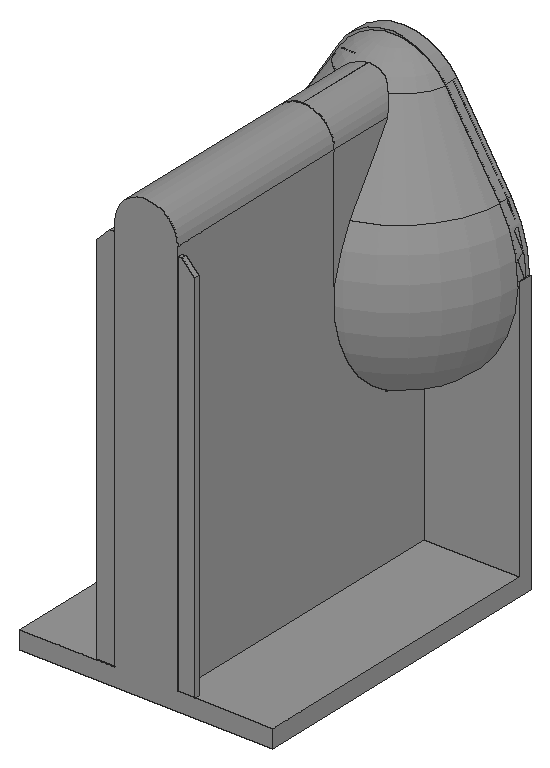
Revit family "Toilet-Willoughby-ASETW-1490-FM-TS-HC", category Plumbing Fixtures, Revit 2015
Parameters (values of type "Standard")
  Waste DIA = 2 3/8"
  Waste Connection = yes
  W-RAD [instance] = Waste DIA / 2  # 0' - 1 3/16"
  Vent Connection = no
  URL = "https://www.willoughby-ind.com/wp-content/uploads/2018/01/ASETW-1490-FM.pdf"
  Type Comments = ""
  Revision = "A"
  Model = "ETW-1490-FM-TS-HC"
  Manufacturer = "Willoughby Industries"
  HW Connection = no
  Flush inlet DIA = 1 1/2"
  Flush Inlet Connection = yes
  Fixture Body = Stainless Steel AISI 304-Willoughby
  F-RAD [instance] = Flush inlet DIA / 2  # 0' - 0 3/4"
  Description = "Ligature Resistant, Wall Outlet, Floor Mounted Blowout Toilet, Top Spud, Handicap Seat Height"
  Default Elevation = 0' - 0"
  Contact Number = "(800) 428-4065"
  CW Connection = no
Reference planes (in)
  plane 1 "Base": y = -16.25
  plane 2: z = 0
  plane 3 "Center": x = 18.31072
  plane 4 "Waste height": y = -4.75
  plane 5 "Seat HGT": y = -1.25
  plane 6: y = -2.125
  plane 7: x = 16.56072
  plane 8: x = 20.06072
  plane 9: x = 13.81072
  plane 10: x = 22.81072
  plane 11: z = 2.70924
  plane 12: z = -3
  plane 13: z = 25
Forms (in)
  Extrusion 1, solid, material "Stainless Steel AISI 304-Willoughby" <- "Fixture Body"
    sketch origin (16.08109, 10.47968, -7.1422) x (-1, 0, 0) y (0, 0, -1)
      loop
        line (4.79769, -22.8922) -> (4.83287, -22.8922) -> (4.83287, -7.1422) -> (-9.29213, -7.1422) -> (-9.29213, -22.8922) -> (-9.20219, -22.8922)
        arc (-9.20219, -22.8922) -> (-8.94577, -24.74051) -> (-8.21015, -26.45542) r 7
        line (-8.21015, -26.45542) -> (-5.16818, -31.31054)
        arc (-5.16818, -31.31054) -> (-2.20225, -32.95225) -> (0.76368, -31.31054) r 3.5
        line (0.76368, -31.31054) -> (3.80565, -26.45542)
        arc (3.80565, -26.45542) -> (4.54128, -24.74051) -> (4.79769, -22.8922) r 7
      loop
        arc (2.03989, -24.70557) -> (-2.20225, -18.23804) -> (-6.44438, -24.70557) r 4.625
        line (-6.44438, -24.70557) -> (-4.04125, -30.23842)
        arc (-4.04125, -30.23842) -> (-2.20225, -31.45225) -> (-0.36324, -30.23842) r 2
        line (-0.36324, -30.23842) -> (2.03989, -24.70557)
    from 8.72968 to 9.5
  Revolve 2, solid, material "Stainless Steel AISI 304-Willoughby" <- "Fixture Body"
    sketch origin (19.37981, 1.47968, -3.93365) x (-1, 0, 0) y (0, 0, -1)
      loop
        line (1.06174, -12.59906) -> (1.06174, -12.84906)
        arc (1.06174, -12.84906) -> (6.96784, -16.33096) -> (6.78077, -23.18447) r 6.75
        line (6.78077, -23.18447) -> (5.22309, -25.66909)
        arc (5.22309, -25.66909) -> (3.40303, -27.84141) -> (1.06174, -29.43826) r 10.34445
        line (1.06174, -29.43826) -> (1.06174, -29.68826)
        arc (1.06174, -29.68826) -> (2.75672, -29.25045) -> (4.02767, -28.04656) r 3.5
        line (4.02767, -28.04656) -> (7.06964, -23.19143)
        arc (7.06964, -23.19143) -> (7.15052, -16.14555) -> (1.06174, -12.59906) r 7
      axis (1.06174, -12.59906) -> (1.06174, -29.68826)
    angle from 0 to -180
  Extrusion 3, solid, material "Stainless Steel AISI 304-Willoughby" <- "Fixture Body"
    sketch origin (19.53334, -3.02032, -4.9508) x (0, 1, 0) y (0, 0, 1)
      loop
        line (-2.28923, 4.9508) -> (4, 4.9508) -> (4, 13.80524)
        arc (4, 13.80524) -> (-0.1633, 15.66631) -> (-2.28923, 19.7008) r 6.98101
        line (-2.28923, 19.7008) -> (-2.28923, 4.9508)
    from 0.52738 to -2.97262
  Extrusion 4, solid, material "Stainless Steel AISI 304-Willoughby" <- "Fixture Body"
    sketch origin (0, 14.59309, 0) x (1, 0, 0) y (0, 1, 0)
      loop
        circle (18.31072, -19.34309) r 1.1875
    from 5.5 to -3
  Extrusion 5, solid, material "Stainless Steel AISI 304-Willoughby" <- "Fixture Body"
    sketch origin (0, 4.11185, 0) x (1, 0, 0) y (0, 0, 1)
      loop
        circle (18.31072, 2.70924) r 0.75
    from 2.36185 to 1.42435
  Extrusion 6, solid, material "Stainless Steel AISI 304-Willoughby" <- "Fixture Body"
    sketch origin (0, -16.25, 0) x (1, 0, 0) y (0, 0, 1)
      loop
        line (25.37322, 0) -> (25.37322, 1) -> (11.2834, 1) -> (11.2834, 0) -> (25.37322, 0)
    from -18 to 0
  Extrusion 7, solid, material "Stainless Steel AISI 304-Willoughby" <- "Fixture Body"
    sketch origin (0, -16.25, 0) x (1, 0, 0) y (0, 0, 1)
      loop
        line (20.06072, 0) -> (20.06072, 23.23467)
        arc (20.06072, 23.23467) -> (18.31072, 24.98467) -> (16.56072, 23.23467) r 1.75
        line (16.56072, 23.23467) -> (16.56072, 0) -> (20.06072, 0)
    from 0 to -10.94044
  Extrusion 8, solid, material "Stainless Steel AISI 304-Willoughby" <- "Fixture Body"
    sketch origin (18.31072, 3, 0) x (0, 1, 0) y (0, 0, 1)
      loop
        line (-8.30956, 24.98711) -> (-8.30956, 16.43945)
        arc (-8.30956, 16.43945) -> (-7.89398, 17.78452) -> (-7.26296, 19.04298) r 8.53534
        arc (-7.26296, 19.04298) -> (-5.96181, 21.12816) -> (-4.62752, 23.19229) r 153.87584
        arc (-4.62752, 23.19229) -> (-4.20813, 24.22574) -> (-3.39314, 24.98711) r 2.59068
        line (-3.39314, 24.98711) -> (-8.30956, 24.98711)
    from -1.75 to 1.75
  Extrusion 9, void
    sketch origin (0, -13.25, 0) x (1, 0, 0) y (0, 0, 1)
      loop
        arc (18.32244, 24.98711) -> (19.55159, 24.47797) -> (20.06072, 23.24882) r 1.73828
        line (20.06072, 23.24882) -> (20.06072, 24.98711) -> (18.32244, 24.98711)
    from -13.39931 to -7.72232
  Extrusion 10, void
    sketch origin (0, -13.25, 0) x (1, 0, 0) y (0, 0, 1)
      loop
        line (16.56072, 24.98711) -> (16.56072, 23.38793)
        arc (16.56072, 23.38793) -> (17.12541, 24.5271) -> (18.31072, 24.98711) r 1.75711
        line (18.31072, 24.98711) -> (16.56072, 24.98711)
    from -12.84157 to -7.94044
  Extrusion 11, solid, material "Stainless Steel AISI 304-Willoughby" <- "Fixture Body"
    sketch origin (18.31115, -16.25, 1.01945) x (1, 0, 0) y (0, 0, 1)
      loop
        line (2.75, 0) -> (2.75, 20.9739) -> (1.99851, 21.72538) -> (-1.99937, 21.72538) -> (-2.75, 20.97475) -> (-2.75, 0) -> (2.75, 0)
    from 0 to -0.25
Cuts and joins
  joined: Extrusion 1, Extrusion 3, Extrusion 4, Extrusion 6, Extrusion 7
  Extrusion 9, Extrusion 10 cuts Extrusion 8
Lines and regions (in)
  symbolic lines
    curve 1: line (11.28334, -2.02032, 0) -> (11.28334, -1.25, 0)
    curve 2: line (11.28334, -1.25, 0) -> (25.28334, -1.25, 0)
    curve 3: line (25.28334, -1.25, 0) -> (25.28334, -2.02032, 0)
    curve 4: arc (25.28334, -2.02032, 0) -> (23.0776, -6.6446, 0) -> (18.31072, -8.52239, 0) r 6.98983
    curve 5: arc (18.31072, -8.52239, 0) -> (13.52369, -6.64758, 0) -> (11.28334, -2.02032, 0) r 7.04842
    curve 6: line (22.81072, -6.88104, 0) -> (22.81072, -16.25, 0)
    curve 7: line (22.81072, -16.25, 0) -> (13.81072, -16.25, 0)
    curve 8: line (13.81072, -16.25, 0) -> (13.81072, -6.89908, 0)
    curve 9: line (16.56072, -8.30173, 0) -> (16.56072, -16.25, 0)
    curve 10: line (20.06072, -8.29974, 0) -> (20.06072, -16.25, 0)
    curve 11: line (14.78334, -16.25, 9.65867) -> (14.78334, -16.25, 1)
    curve 12: line (14.78334, -16.25, 1) -> (13.81072, -16.25, 1)
    curve 13: line (13.81072, -16.25, 1) -> (13.81072, -16.25, 0)
    curve 14: line (13.81072, -16.25, 0) -> (22.81072, -16.25, 0)
    curve 15: line (22.81072, -16.25, 0) -> (22.81072, -16.25, 1)
    curve 16: line (22.81072, -16.25, 1) -> (21.81072, -16.25, 1)
    curve 17: line (21.81072, -16.25, 1) -> (21.81072, -16.25, 9.67456)
    curve 18: arc (21.81072, -16.25, 9.67456) -> (25.08799, -16.25, 13.93608) -> (24.32597, -16.25, 19.25778) r 6.9206
    curve 19: line (24.32597, -16.25, 19.25778) -> (21.24927, -16.25, 24.16835)
    curve 20: arc (21.24927, -16.25, 24.16835) -> (19.97832, -16.25, 25.37224) -> (18.28334, -16.25, 25.81005) r 3.5
    curve 21: arc (18.28334, -16.25, 25.81005) -> (16.58835, -16.25, 25.37224) -> (15.31741, -16.25, 24.16835) r 3.5
    curve 22: line (15.31741, -16.25, 24.16835) -> (12.35249, -16.25, 19.43905)
    curve 23: arc (12.35249, -16.25, 19.43905) -> (11.49002, -16.25, 14.03241) -> (14.78334, -16.25, 9.65867) r 7
    curve 29: line (18.31072, -8.4296, 16.67525) -> (18.31072, -16.25, 16.67525)
    curve 30: line (18.31072, -16.25, 16.67525) -> (18.31072, -16.25, 0)
    curve 31: line (18.31072, -16.25, 0) -> (18.31072, -1.25, 0)
    curve 32: line (18.31072, -1.25, 0) -> (18.31072, -1.25, 25.81005)
    curve 33: line (18.31072, -1.25, 25.81005) -> (18.31072, -2.02032, 25.81005)
    curve 34: arc (18.31072, -2.02032, 25.81005) -> (18.31072, -3.29152, 25.30605) -> (18.31072, -4.30177, 24.38445) r 3.79748
    curve 35: line (18.31072, -4.30177, 24.38445) -> (18.31072, -7.52822, 19.25778)
    curve 36: arc (18.31072, -7.52822, 19.25778) -> (18.31072, -8.12539, 18.01764) -> (18.31072, -8.4296, 16.67525) r 6.10578
    curve 37: arc (18.31072, -8.4296, 16.67525) -> (18.31072, -8.31403, 15.24489) -> (18.31072, -8.29114, 13.81005) r 22.19593
    curve 38: arc (18.31072, -8.29114, 13.81005) -> (18.31072, -5.95289, 10.31029) -> (18.31072, -2.02032, 8.81005) r 6.92744
    curve 39: line (18.31072, -1.25, 9.65867) -> (18.31072, -2.02032, 9.65867)
    curve 40: line (18.31072, -2.02032, 9.65867) -> (18.31072, -2.02032, 1)
    curve 41: line (18.31072, -2.02032, 1) -> (18.31072, -16.25, 1)
    curve 42: line (20.06072, -8.29974, 0) -> (20.06072, -4.61725, 0)
    curve 43: arc (20.06072, -4.61725, 0) -> (19.34995, -3.84312, 0) -> (18.31072, -3.68676, 0) r 1.57857
    curve 44: arc (18.31072, -3.68676, 0) -> (17.30223, -3.87691, 0) -> (16.56072, -4.5864, 0) r 1.8036
    curve 45: line (16.56072, -4.5864, 0) -> (16.56072, -8.30173, 0)
    curve 46: line (18.31072, -8.30956, 24.98711) -> (18.31072, -3.72908, 24.98711)
  symbolic lines, detail levels fine
    curve 24: arc (14.0412, -16.25, 17.56337) -> (18.28334, -16.25, 11.09585) -> (22.52547, -16.25, 17.56337) r 4.625
    curve 25: line (22.52547, -16.25, 17.56337) -> (20.12234, -16.25, 23.09622)
    curve 26: arc (20.12234, -16.25, 23.09622) -> (19.38317, -16.25, 23.97635) -> (18.28334, -16.25, 24.31005) r 2.01767
    curve 27: arc (18.28334, -16.25, 24.31005) -> (17.17969, -16.25, 23.98213) -> (16.44433, -16.25, 23.09622) r 1.9827
    curve 28: line (16.44433, -16.25, 23.09622) -> (14.0412, -16.25, 17.56337)
Dimensions and locks (in)
  locked: plane 1 "Base" to plane 4 "Waste height" at 11.5
  locked: plane 1 "Base" to plane 5 "Seat HGT" at 15
  plane 9 to plane 3 "Center" = 0' - 4 1/2"
  plane 9 to plane 10 = 0' - 9"
  plane 13 to level = 2' - 1"
  "W-RAD": radius of Extrusion 4 sketch curve
  "F-RAD": radius of Extrusion 5 sketch curve
  aligned and locked: plane 3 "Center" to Extrusion 4 sketch curve
  aligned and locked: plane 4 "Waste height" to Extrusion 4 sketch curve
  aligned and locked: plane 3 "Center" to Extrusion 5 sketch curve
  aligned and locked: plane 11 to Extrusion 5 sketch curve
  aligned and locked: Extrusion 1 to Revolve 2
  aligned and locked: cut or joined group of Extrusion 1, Extrusion 3, Extrusion 4, Extrusion 6, Extrusion 7 to Extrusion 1
Automatic sketch dimensions
  curve 20 to curve 21 = 0' - 0"  (x2)
  curve 23 to curve 24 = 0' - 0"  (x2)
  curve 14 to level = 0' - 0"
  curve 14 to plane 9 = 0' - 0"
  curve 15 to plane 10 = 0' - 0"
  curve 22 to plane 9 = 0' - 1.45823"
  plane 9 to curve 28 = 0' - 0 59/256"
  curve 12 to curve 11 = 0' - 0.97262"
  curve 22 to plane 7 = 0' - 1.24331"
  curve 28 to plane 7 = 0' - 0.11639"
  curve 26 to plane 3 "Center" = 0' - 0.03902"
  curve 26 to curve 27 = 0' - 0.0002"
  curve 24 to plane 3 "Center" = 0' - 0.02738"
  curve 27 to curve 21 = 0' - 0.01144"
  plane 3 "Center" to curve 18 = 0' - 0.08339"
  plane 8 to curve 25 = 0' - 0.06162"
  curve 19 to plane 13 = 0' - 0.83165"
  plane 8 to curve 19 = 0' - 1.18855"
  curve 17 to plane 10 = 0' - 1"
  curve 25 to plane 10 = 0' - 0.28525"
  plane 10 to curve 19 = 0' - 1.51526"
  level to curve 12 = 0' - 1"
  level to curve 16 = 0' - 1"
  plane 11 to curve 11 = 0' - 6.94943"
  plane 11 to curve 17 = 0' - 6.96532"
  curve 17 to curve 18 = 0' - 6.01843"
  curve 18 to curve 24 = 0' - 0.02786"
  curve 25 to curve 18 = 0' - 1.6944"
  curve 26 to plane 13 = 0' - 2.70758"
  curve 26 to curve 20 = 0' - 0.01763"
  curve 20 to curve 27 = 0' - 0.01733"
  curve 28 to curve 22 = 0' - 1.07212"
  curve 25 to curve 19 = 0' - 1.07212"
  Extrusion 6 sketch curve to level = 0' - 0"
  Extrusion 6 sketch curve to plane 9 = 0' - 2.52732"
  plane 10 to Extrusion 6 sketch curve = 0' - 2 9/16"
  level to Extrusion 6 sketch curve = 0' - 1"
  Extrusion 7 sketch curve to level = 0' - 0"
  Extrusion 7 sketch curve to plane 7 = 0' - 0"
  Extrusion 7 sketch curve to plane 3 "Center" = 0' - 0"
  Extrusion 7 sketch curve to plane 13 = 0' - 1.76533"
  Extrusion 8 sketch curve to plane 13 = 0' - 0.01289"
  plane 4 "Waste height" to Extrusion 8 sketch curve = 0' - 0.55956"
  plane 6 to Extrusion 8 sketch curve = 0' - 1.73186"
  plane 6 to Extrusion 8 sketch curve = 0' - 3.05145"
  Extrusion 8 sketch curve to plane 5 "Seat HGT" = 0' - 4.27544"
  Extrusion 8 sketch curve to plane 12 = 4' - 10.37203"
  Extrusion 8 sketch curve to plane 5 "Seat HGT" = 10' - 8.1785"
  Extrusion 8 sketch curve to plane 13 = 0' - 10.39901"
  Extrusion 8 sketch curve to Extrusion 8 sketch curve = 0' - 8.54766"
  Extrusion 8 sketch curve to plane 13 = 0' - 2.24231"
  Extrusion 8 sketch curve to plane 4 "Waste height" = 0' - 0.48704"
  Extrusion 9 sketch curve to plane 8 = 0' - 0"
  plane 3 "Center" to Extrusion 9 sketch curve = 0' - 0 3/256"
  Extrusion 9 sketch curve to plane 13 = 0' - 1.75118"
  Revolve 2 sketch curve to Revolve 2 sketch curve = 0' - 0"  (x2)
  plane 10 to Revolve 2 sketch curve = 0' - 0.11048"
  plane 3 "Center" to Revolve 2 sketch curve = 0' - 0.00736"  (x3)
  Revolve 2 sketch curve to plane 13 = 0' - 0.88709"
  Revolve 2 sketch curve to plane 7 = 0' - 1.20857"
  plane 9 to Revolve 2 sketch curve = 0' - 0.346"
  Revolve 2 sketch curve to plane 9 = 0' - 1.21168"
  Revolve 2 sketch curve to Revolve 2 sketch curve = 0' - 0.28887"
  plane 13 to Revolve 2 sketch curve = 0' - 0.50461"
  Revolve 2 sketch curve to Revolve 2 sketch curve = 0' - 0 1/4"
  Revolve 2 sketch curve to Revolve 2 sketch curve = 0' - 2.37746"
  Revolve 2 sketch curve to Revolve 2 sketch curve = 0' - 2.47766"
  Revolve 2 sketch curve to Revolve 2 sketch curve = 0' - 0.00696"
  Revolve 2 sketch curve to Revolve 2 sketch curve = 0' - 0.57536"
  Revolve 2 sketch curve to Revolve 2 sketch curve = 0' - 3 1/4"
  Revolve 2 sketch curve to Revolve 2 sketch curve = 0' - 2.4108"
  Extrusion 10 sketch curve to plane 7 = 0' - 0"
  Extrusion 10 sketch curve to plane 3 "Center" = 0' - 0"
  Extrusion 10 sketch curve to plane 13 = 0' - 0.01289"
  Extrusion 10 sketch curve to Extrusion 10 sketch curve = 0' - 1.59918"
  plane 5 "Seat HGT" to curve 1 = 0' - 0"
  plane 1 "Base" to curve 7 = 0' - 0"
  curve 7 to plane 9 = 0' - 0"
  curve 9 to plane 7 = 0' - 0"
  curve 4 to plane 3 "Center" = 0' - 0"
  curve 44 to plane 3 "Center" = 0' - 0"
  curve 10 to plane 8 = 0' - 0"
  curve 43 to plane 8 = 0' - 0"
  curve 6 to plane 10 = 0' - 0"
  curve 5 to plane 3 "Center" = 0' - 0"
  plane 6 to curve 1 = 0' - 0.10468"
  curve 1 to plane 9 = 0' - 2.52738"
  curve 44 to plane 3 "Center" = 0' - 0.18388"
  curve 5 to plane 3 "Center" = 0' - 0.00017"
  plane 3 "Center" to curve 43 = 0' - 0.29814"
  plane 10 to curve 3 = 0' - 2.47262"
  plane 4 "Waste height" to curve 44 = 0' - 0.73096"
  plane 4 "Waste height" to curve 43 = 0' - 0.48692"
  curve 42 to plane 4 "Waste height" = 0' - 0.13275"
  plane 6 to curve 3 = 0' - 0.10468"
  plane 5 "Seat HGT" to curve 4 = 0' - 0.28257"
  curve 45 to curve 9 = 0' - 0"
  curve 30 to plane 1 "Base" = 0' - 0"
  curve 33 to plane 5 "Seat HGT" = 0' - 0"
  curve 32 to level = 0' - 0"
  plane 1 "Base" to curve 37 = 1' - 2.23409"
  plane 4 "Waste height" to curve 29 = 0' - 3.6796"
  curve 36 to curve 35 = 0' - 0.90137"
  curve 35 to plane 4 "Waste height" = 0' - 0.44823"
  curve 36 to plane 6 = 0' - 0.23566"
  plane 6 to curve 33 = 0' - 0.10468"
  plane 6 to curve 40 = 0' - 0.10468"
  plane 5 "Seat HGT" to curve 38 = 0' - 0.38413"
  plane 5 "Seat HGT" to curve 34 = 0' - 0.02916"
  level to curve 40 = 0' - 1"
  plane 11 to curve 39 = 0' - 6.94943"
  curve 37 to plane 13 = 0' - 10.82646"
  curve 39 to curve 38 = 0' - 6.06805"
  curve 38 to curve 36 = 0' - 0.27887"
  curve 29 to plane 13 = 0' - 8.32475"
  curve 35 to plane 13 = 0' - 0.61555"
  curve 46 to plane 13 = 0' - 0.01289"
  plane 4 "Waste height" to curve 46 = 0' - 3.55956"
  curve 37 to curve 38 = 0' - 0.13846"
  curve 34 to curve 46 = 0' - 0.57268"
  Extrusion 1 sketch curve to Extrusion 1 sketch curve = 0' - 0"  (x6)
  Extrusion 1 sketch curve to level = 0' - 0"
  plane 10 to Extrusion 1 sketch curve = 0' - 2 9/16"
  Extrusion 1 sketch curve to Extrusion 1 sketch curve = 0' - 0.08994"
  plane 10 to Extrusion 1 sketch curve = 0' - 1.48052"
  Extrusion 1 sketch curve to plane 10 = 0' - 0.28525"
  plane 8 to Extrusion 1 sketch curve = 0' - 1.18855"
  plane 8 to Extrusion 1 sketch curve = 0' - 0.06162"
  Extrusion 1 sketch curve to plane 3 "Center" = 0' - 0.02738"  (x2)
  Extrusion 1 sketch curve to plane 7 = 0' - 0.11639"
  Extrusion 1 sketch curve to plane 13 = 0' - 0.83165"
  Extrusion 1 sketch curve to plane 7 = 0' - 1.24331"
  plane 9 to Extrusion 1 sketch curve = 0' - 0 59/256"
  Extrusion 1 sketch curve to plane 9 = 0' - 1.53528"
  Extrusion 1 sketch curve to plane 9 = 0' - 2.52732"
  Extrusion 1 sketch curve to Extrusion 1 sketch curve = 0' - 0.03518"
  Extrusion 1 sketch curve to Extrusion 1 sketch curve = 0' - 1.07212"
  Extrusion 1 sketch curve to Extrusion 1 sketch curve = 0' - 0.78617"
  Extrusion 1 sketch curve to Extrusion 1 sketch curve = 0' - 3.783"  (x2)
  Extrusion 1 sketch curve to Extrusion 1 sketch curve = 0' - 1.74985"
  Extrusion 1 sketch curve to Extrusion 1 sketch curve = 0' - 1.81337"
  plane 9 to Extrusion 11 sketch curve = 0' - 1.75043"
  Extrusion 11 sketch curve to Extrusion 11 sketch curve = 0' - 0.75063"
  plane 9 to Extrusion 11 sketch curve = 0' - 6.49894"
  plane 9 to Extrusion 11 sketch curve = 0' - 7.25043"
  Extrusion 11 sketch curve to plane 13 = 1' - 11.98055"
  Extrusion 11 sketch curve to Extrusion 11 sketch curve = 1' - 8.9739"
  Extrusion 11 sketch curve to Extrusion 11 sketch curve = 0' - 0.00085"
  Extrusion 11 sketch curve to Extrusion 11 sketch curve = 0' - 0.75149"
  Extrusion 3 sketch curve to level = 0' - 0"
  plane 4 "Waste height" to Extrusion 3 sketch curve = 0' - 0.55956"
  Extrusion 3 sketch curve to plane 5 "Seat HGT" = 0' - 2.22968"
  Extrusion 3 sketch curve to plane 5 "Seat HGT" = 0' - 2.84072"
  Extrusion 3 sketch curve to plane 13 = 0' - 9.19134"
  Extrusion 3 sketch curve to Extrusion 3 sketch curve = 0' - 6.95422"
Connectors (in)
  piping at (18.31072, -4.75, -3), diameter 2.375, driven by "W-RAD", driven by "Waste Connection"
    settings: on Extrusion 4, index 1, connector inside diameter 2 1/2", connector length 0' - 0", flow factor 0, pipe flow 0 GPM, pressure drop 0.00 psi, fitting loss kfactor 0, connector angle 0.00°, fixture units 0, engagement length 0' - 0", angle of deflection 0.00°, flow configuration 0, flow direction 2, fitting loss method 0, system type 16, joint type 0, gender type 0, connector reference index -1, connector utility 1, adjustable connector yes, is connector primary yes, connector description "Toilet Waste"
  piping at (18.31072, 2.6875, 2.70924), diameter 1.5, driven by "F-RAD", driven by "Flush Inlet Connection"
    settings: on Extrusion 5, index 2, connector inside diameter 1 1/2", connector length 0' - 0", flow factor 0, pipe flow 0 GPM, pressure drop 0.00 psi, fitting loss kfactor 0, connector angle 0.00°, fixture units 0, engagement length 0' - 0", angle of deflection 0.00°, flow configuration 0, flow direction 1, fitting loss method 0, system type 20, joint type 0, gender type 0, connector reference index -1, connector utility 1, adjustable connector no, is connector primary no, connector description "Flush Inlet"
